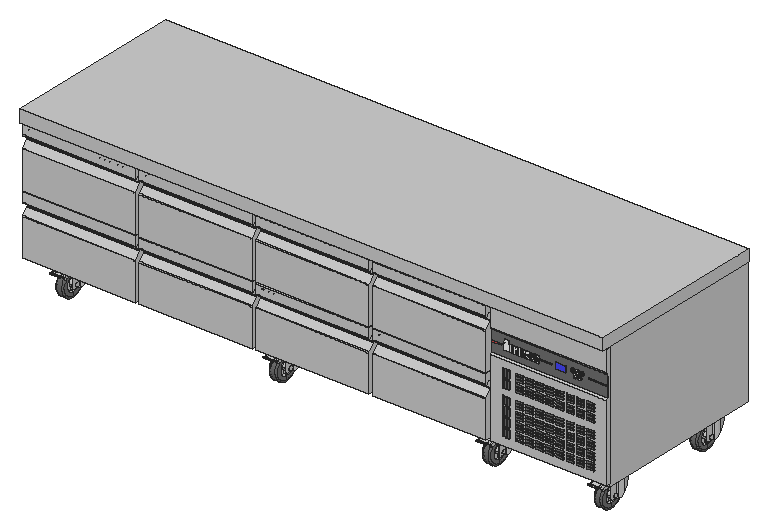
Revit family "QF_INOMAK_PWDP7777_250528083448", category Specialty Equipment, Revit 2021 (continued)
Definition of nested family "QF_INOMAK_REF_COUNTERS_DOORS_DRAWERS_6522"
  Definition of nested family "2_Drawers_1-2"
    Automatic sketch dimensions
      Extrusion 1 sketch curve to Extrusion 1 sketch curve = 0.515 mm
      Extrusion 1 sketch curve to Extrusion 1 sketch curve = 22.822 mm
      Extrusion 1 sketch curve to Extrusion 1 sketch curve = 19.985 mm
      Extrusion 1 sketch curve to Extrusion 1 sketch curve = 6.919 mm
      Extrusion 1 sketch curve to Extrusion 1 sketch curve = 30.039 mm
      Extrusion 4 sketch curve to plane 7 "Front legs" = 0 mm
      plane 7 "Front legs" to Extrusion 4 sketch curve = 0.515 mm
      plane 7 "Front legs" to Extrusion 4 sketch curve = 1.757 mm
      plane 7 "Front legs" to Extrusion 4 sketch curve = 1.9 mm
      Extrusion 4 sketch curve to Extrusion 4 sketch curve = 1.556 mm
      plane 7 "Front legs" to Extrusion 4 sketch curve = 9.971 mm
      plane 7 "Front legs" to Extrusion 4 sketch curve = 21.094 mm
      Extrusion 4 sketch curve to Extrusion 4 sketch curve = 11.91 mm
      Extrusion 4 sketch curve to Extrusion 4 sketch curve = 2.243 mm
      Extrusion 4 sketch curve to Extrusion 4 sketch curve = 2.385 mm
      Extrusion 4 sketch curve to Extrusion 4 sketch curve = 20.119 mm
      Extrusion 4 sketch curve to Extrusion 4 sketch curve = 22.822 mm
      Extrusion 4 sketch curve to Extrusion 4 sketch curve = 19.985 mm
      Extrusion 4 sketch curve to Extrusion 4 sketch curve = 6.919 mm
      Extrusion 4 sketch curve to Extrusion 4 sketch curve = 30.039 mm
  Definition of nested family "2_Drawers_1-3_2-3"
    Parameters (values of type "2 Drawers 1-3 and 2-3")
      URL = "www.specifiglobal.com"
      Top inset [instance] = 4 mm
      Right panel thickness [instance] = 35 mm
      Rear inset [instance] = 10 mm
      Plinth height [instance] = 150 mm
      Model = ""
      Manufacturer = "DEMO CONSULTANT"
      Length Actual [instance] = 1200 mm
      Left panel thickness [instance] = 35 mm
      Height Actual [instance] = 900 mm
      Front inset [instance] = 10 mm
      Finish = none
      Doors drawers type [instance] = 5
      Description = ""
      Depth Actual [instance] = 700 mm
      Default Elevation = 0 mm
      Bottom inset [instance] = 4 mm
      Assembly Code = "E1090320"
      2 Drawers 1-3 and 2-3 [instance] = Doors drawers type = 5  # yes
    Reference planes
      plane 1 "Back": y = 0
      plane 2: z = 0
      plane 3 "Left": x = 0
      plane 4 "Right": x = 1200
      plane 5 "Front": y = -700
      plane 6 "Top": z = 1050
      plane 7 "Front legs": y = -690
      plane 8 "Legs top": z = 150
      plane 9 "Backsplash thickness": y = -10
      plane 10 "Left panel": x = 35
      plane 11 "Right panel": x = 1165
      plane 12: z = 1046
      plane 13: z = 751.833
      plane 14: z = 746.833
      plane 15: z = 154
      plane 16: z = 450.667
      plane 17: z = 152
      plane 18: z = 1048
      plane 19: z = 749.333
    Forms (mm)
      Extrusion 1, solid, material <- "Finish", visible <- "2 Drawers 1-3 and 2-3"
        sketch origin (35, 0, 0) x (0, -1, 0) y (0, 0, 1)
          loop
            line (690, 751.833) -> (690, 960.365)
            arc (690, 960.365) -> (689.866, 961.037) -> (689.485, 961.607) r 1.757
            line (689.485, 961.607) -> (666.663, 984.429)
            arc (666.663, 984.429) -> (665.976, 985.458) -> (665.734, 986.672) r 3.172
            line (665.734, 986.672) -> (665.734, 1013.576)
            arc (665.734, 1013.576) -> (666.433, 1015.262) -> (668.119, 1015.961) r 2.385
            line (668.119, 1015.961) -> (680.029, 1015.961) -> (686.544, 1006.657)
            arc (686.544, 1006.657) -> (688.671, 1005.935) -> (690, 1007.747) r 1.9
            line (690, 1007.747) -> (690, 1046) -> (648, 1046) -> (648, 751.833) -> (690, 751.833)
        from 0 to -1130
      Extrusion 2, solid, visible <- "2 Drawers 1-3 and 2-3", detail levels coarse
        sketch origin (0, -640.463, 751.833) x (0, 1, 0) y (-1, 0, 0)
          loop
            line (-49.537, -35) -> (-624.537, -35) -> (-624.537, -1165) -> (-49.537, -1165) -> (-49.537, -35)
        from 0 to 294.167
      Extrusion 3, solid, visible <- "2 Drawers 1-3 and 2-3", detail levels coarse
        sketch origin (0, -700, 154) x (-1, 0, 0) y (0, 1, 0)
          loop
            line (-35, 10) -> (-1165, 10) -> (-1165, -565) -> (-35, -565) -> (-35, 10)
        from 0 to -592.833
      Extrusion 4, solid, material <- "Finish", visible <- "2 Drawers 1-3 and 2-3"
        sketch origin (35, 0, -441.333) x (0, -1, 0) y (0, 0, 1)
          loop
            line (690, 595.333) -> (690, 1101.698)
            arc (690, 1101.698) -> (689.866, 1102.37) -> (689.485, 1102.94) r 1.757
            line (689.485, 1102.94) -> (666.663, 1126.596)
            arc (666.663, 1126.596) -> (665.976, 1127.625) -> (665.734, 1128.839) r 3.172
            line (665.734, 1128.839) -> (665.734, 1155.743)
            arc (665.734, 1155.743) -> (666.433, 1157.429) -> (668.119, 1158.128) r 2.385
            line (668.119, 1158.128) -> (680.029, 1158.128) -> (686.544, 1148.824)
            arc (686.544, 1148.824) -> (688.671, 1148.102) -> (690, 1149.914) r 1.9
            line (690, 1149.914) -> (690, 1188.167) -> (648, 1188.167) -> (648, 595.333) -> (690, 595.333)
        from 0 to -1130
    Lines and regions (mm)
      symbolic lines, visible <- "2 Drawers 1-3 and 2-3"
        curve 1: line (35, -1000, 900) -> (35, -1040, 900)
        curve 2: line (35, -1040, 900) -> (1165, -1040, 900)
        curve 3: line (1165, -1040, 900) -> (1165, -1000, 900)
        curve 4: line (1165, -1000, 900) -> (35, -1000, 900)
        curve 5: line (1135, -1000, 900) -> (1135, -700, 900)
        curve 6: line (65, -1000, 900) -> (65, -700, 900)
        curve 7: line (35, -1225, 900) -> (35, -1265, 900)
        curve 8: line (35, -1265, 900) -> (1165, -1265, 900)
        curve 9: line (1165, -1265, 900) -> (1165, -1225, 900)
        curve 10: line (1165, -1225, 900) -> (35, -1225, 900)
        curve 11: line (1135, -1225, 900) -> (1135, -1040, 900)
        curve 12: line (65, -1225, 900) -> (65, -1040, 900)
    Dimensions and locks
      "Length Actual": plane 3 "Left" to plane 4 "Right"
      "Depth Actual": plane 5 "Front" to plane 1 "Back"
      "Height Actual": plane 6 "Top" to plane 8 "Legs top"
      "Front inset": plane 7 "Front legs" to plane 5 "Front"
      "Plinth height": plane 8 "Legs top" to plane 2
      "Rear inset": plane 9 "Backsplash thickness" to plane 1 "Back"
      "Right panel thickness": plane 11 "Right panel" to plane 4 "Right"
      "Left panel thickness": plane 3 "Left" to plane 10 "Left panel"
      "Top inset": plane 6 "Top" to plane 12
      locked: plane 13 to plane 14 at 5
      "Bottom inset": plane 15 to plane 8 "Legs top"
      equal spacing: plane 17, plane 16, plane 19, plane 18
      equal spacing: plane 12, plane 18, plane 6 "Top"
      equal spacing: plane 14, plane 19, plane 13
      equal spacing: plane 15, plane 17, plane 8 "Legs top"
      aligned and locked: level to plane 2
      aligned and locked: Extrusion 1 to plane 11 "Right panel"
      aligned and locked: plane 10 "Left panel" to curve 1
      aligned and locked: plane 10 "Left panel" to curve 7
      aligned and locked: Extrusion 2 sketch curve to plane 10 "Left panel"
      aligned and locked: plane 11 "Right panel" to Extrusion 2 sketch curve
      aligned and locked: Extrusion 3 sketch curve to plane 10 "Left panel"
      aligned and locked: plane 11 "Right panel" to Extrusion 3 sketch curve
      aligned and locked: Extrusion 2 to plane 12
      aligned and locked: Extrusion 4 to plane 11 "Right panel"
      aligned and locked: Extrusion 3 to plane 14
      aligned and locked: plane 13 to Extrusion 1 sketch curve
      aligned and locked: Extrusion 2 to Extrusion 1 sketch curve
      aligned and locked: Extrusion 3 to Extrusion 4 sketch curve
      aligned and locked: Extrusion 4 sketch curve to Extrusion 3  (x2)
      aligned and locked: Extrusion 1 sketch curve to plane 7 "Front legs"
    Automatic sketch dimensions
      Extrusion 2 sketch curve to plane 7 "Front legs" = 0 mm
      Extrusion 2 sketch curve to plane 5 "Front" = 565 mm
      Extrusion 3 sketch curve to plane 7 "Front legs" = 0 mm
      Extrusion 3 sketch curve to plane 5 "Front" = 565 mm
      curve 9 to plane 11 "Right panel" = 0 mm
      curve 2 to plane 11 "Right panel" = 0 mm
      curve 5 to plane 5 "Front" = 0 mm
      curve 6 to plane 5 "Front" = 0 mm
      curve 1 to plane 5 "Front" = 300 mm
      curve 3 to curve 3 = 40 mm
      curve 7 to curve 1 = 185 mm
      curve 8 to curve 9 = 40 mm
      plane 11 "Right panel" to curve 5 = 30 mm
      curve 11 to curve 5 = 0 mm
      curve 6 to plane 10 "Left panel" = 30 mm
      curve 12 to curve 6 = 0 mm
      Extrusion 1 sketch curve to plane 7 "Front legs" = 0 mm
      plane 7 "Front legs" to Extrusion 1 sketch curve = 0.515 mm
      plane 7 "Front legs" to Extrusion 1 sketch curve = 1.757 mm
      plane 7 "Front legs" to Extrusion 1 sketch curve = 1.9 mm
      Extrusion 1 sketch curve to Extrusion 1 sketch curve = 1.556 mm
      plane 7 "Front legs" to Extrusion 1 sketch curve = 9.971 mm
      plane 7 "Front legs" to Extrusion 1 sketch curve = 21.094 mm
      Extrusion 1 sketch curve to Extrusion 1 sketch curve = 11.91 mm
      Extrusion 1 sketch curve to Extrusion 1 sketch curve = 2.243 mm
      Extrusion 1 sketch curve to Extrusion 1 sketch curve = 2.385 mm
      Extrusion 1 sketch curve to Extrusion 1 sketch curve = 20.119 mm
      plane 12 to Extrusion 1 sketch curve = 85.635 mm
      Extrusion 1 sketch curve to Extrusion 1 sketch curve = 22.822 mm
      Extrusion 1 sketch curve to Extrusion 1 sketch curve = 19.985 mm
      Extrusion 1 sketch curve to Extrusion 1 sketch curve = 6.919 mm
      plane 12 to Extrusion 1 sketch curve = 0 mm
      Extrusion 4 sketch curve to plane 7 "Front legs" = 0 mm
      plane 7 "Front legs" to Extrusion 4 sketch curve = 0.515 mm
      plane 7 "Front legs" to Extrusion 4 sketch curve = 1.9 mm
      Extrusion 4 sketch curve to Extrusion 4 sketch curve = 1.556 mm
      plane 7 "Front legs" to Extrusion 4 sketch curve = 9.971 mm
      plane 7 "Front legs" to Extrusion 4 sketch curve = 21.094 mm
      Extrusion 4 sketch curve to Extrusion 4 sketch curve = 11.91 mm
      Extrusion 4 sketch curve to Extrusion 4 sketch curve = 2.243 mm
      Extrusion 4 sketch curve to Extrusion 4 sketch curve = 2.385 mm
      Extrusion 4 sketch curve to Extrusion 4 sketch curve = 20.119 mm
      Extrusion 4 sketch curve to Extrusion 4 sketch curve = 86.469 mm
      Extrusion 4 sketch curve to Extrusion 4 sketch curve = 23.656 mm
      Extrusion 4 sketch curve to Extrusion 4 sketch curve = 19.985 mm
      Extrusion 4 sketch curve to Extrusion 4 sketch curve = 6.919 mm
      plane 7 "Front legs" to Extrusion 4 sketch curve = 1.757 mm
  Definition of nested family "Sliding_Doors"
    Parameters (values of type "Sliding doors")
      URL = "www.specifiglobal.com"
      Top inset [instance] = 4 mm
      Sliding doors [instance] = Doors drawers type = 2  # yes
      Right panel thickness [instance] = 35 mm
      Rear inset [instance] = 10 mm
      Plinth height [instance] = 150 mm
      Model = ""
      Manufacturer = "DEMO CONSULTANT"
      Length Actual [instance] = 1200 mm
      Left panel thickness [instance] = 35 mm
      Height Actual [instance] = 900 mm
      Front inset [instance] = 10 mm
      Finish [instance] = none
      Doors drawers type [instance] = 2
      Description = ""
      Depth Actual [instance] = 700 mm
      Default Elevation = 0 mm
      Bottom inset [instance] = 4 mm
      Assembly Code = "E1090320"
    Reference planes
      plane 1 "Back": y = 0
      plane 2: z = 0
      plane 3 "Left": x = 0
      plane 4 "Right": x = 1200
      plane 5 "Front": y = -700
      plane 6 "Top": z = 1050
      plane 7 "Front legs": y = -690
      plane 8 "Legs top": z = 150
      plane 9 "Backsplash thickness": y = -10
      plane 10: x = 35
      plane 11: x = 1165
      plane 12 "Center Left-Right": x = 600
      plane 13: z = 154
      plane 14: z = 1046
    Forms (mm)
      Extrusion 1, solid, material <- "Finish", visible <- "Sliding doors"
        sketch origin (0, -690, 154) x (-1, 0, 0) y (0, 1, 0)
          loop
            line (-35, 10) -> (-35, 20) -> (-620, 20) -> (-620, 0) -> (-91.156, 0)
            arc (-91.156, 0) -> (-85.272, 0.885) -> (-79.91, 3.461) r 20
            line (-79.91, 3.461) -> (-60, 17) -> (-38, 17) -> (-38, 10)
            arc (-38, 10) -> (-40.05, 5.05) -> (-45, 3) r 7
            line (-45, 3) -> (-50.012, 3) -> (-50.012, 0) -> (-45, 0)
            arc (-45, 0) -> (-37.929, 2.929) -> (-35, 10) r 10
        from 0 to -892
      Extrusion 2, solid, material <- "Finish", visible <- "Sliding doors"
        sketch origin (0, -689, 154) x (-1, 0, 0) y (0, 1, 0)
          loop
            arc (-1065, 30) -> (-1062.071, 22.929) -> (-1055, 20) r 10
            line (-1055, 20) -> (-1049.988, 20) -> (-1049.988, 23) -> (-1055, 23)
            arc (-1055, 23) -> (-1059.95, 25.05) -> (-1062, 30) r 7
            line (-1062, 30) -> (-1062, 37) -> (-1040, 37) -> (-1020.09, 23.461)
            arc (-1020.09, 23.461) -> (-1014.728, 20.885) -> (-1008.844, 20) r 20
            line (-1008.844, 20) -> (-480, 20) -> (-480, 40) -> (-1065, 40) -> (-1065, 30)
        from 0 to -892
    Lines and regions (mm)
      symbolic lines, visible <- "Sliding doors"
        curve 1: line (1065, -649, 150) -> (480, -649, 150)
        curve 2: line (1065, -669, 150) -> (1065, -649, 150)
        curve 3: line (480, -669, 150) -> (1065, -669, 150)
        curve 4: line (480, -649, 150) -> (480, -669, 150)
        curve 5: line (620, -690, 150) -> (35, -690, 150)
        curve 6: line (620, -670, 150) -> (620, -690, 150)
        curve 7: line (35, -670, 150) -> (620, -670, 150)
        curve 8: line (35, -690, 150) -> (35, -670, 150)
    Dimensions and locks
      "Length Actual": plane 3 "Left" to plane 4 "Right"
      "Depth Actual": plane 5 "Front" to plane 1 "Back"
      "Height Actual": plane 6 "Top" to plane 8 "Legs top"
      "Front inset": plane 7 "Front legs" to plane 5 "Front"
      "Plinth height": plane 8 "Legs top" to plane 2
      "Rear inset": plane 9 "Backsplash thickness" to plane 1 "Back"
      "Right panel thickness": plane 11 to plane 4 "Right"
      "Left panel thickness": plane 3 "Left" to plane 10
      equal spacing: plane 10, plane 12 "Center Left-Right", plane 11
      "Top inset": plane 6 "Top" to plane 14
      "Bottom inset": plane 13 to plane 8 "Legs top"
      locked: plane 12 "Center Left-Right" to curve 4 at 120
      locked: plane 12 "Center Left-Right" to curve 5 at 20
      locked: plane 11 to curve 1 at 100
      aligned and locked: level to plane 2
      aligned and locked: Extrusion 1 sketch curve to plane 7 "Front legs"
      aligned and locked: Extrusion 1 sketch curve to plane 10
      aligned and locked: Extrusion 1 to plane 14
      aligned and locked: Extrusion 2 to plane 14
      aligned and locked: curve 8 to plane 10
    Automatic sketch dimensions
      Extrusion 2 sketch curve to Extrusion 2 sketch curve = 0 mm  (x2)
      plane 11 to Extrusion 2 sketch curve = 100 mm
      Extrusion 2 sketch curve to Extrusion 2 sketch curve = 3 mm
      Extrusion 2 sketch curve to Extrusion 2 sketch curve = 7 mm  (x2)
      Extrusion 2 sketch curve to Extrusion 2 sketch curve = 5.012 mm
      plane 7 "Front legs" to Extrusion 2 sketch curve = 38 mm
      Extrusion 2 sketch curve to Extrusion 2 sketch curve = 15 mm
      plane 7 "Front legs" to Extrusion 2 sketch curve = 24.461 mm
      Extrusion 2 sketch curve to Extrusion 2 sketch curve = 19.91 mm
      Extrusion 2 sketch curve to Extrusion 2 sketch curve = 11.246 mm
      Extrusion 2 sketch curve to plane 12 "Center Left-Right" = 120 mm
      Extrusion 2 sketch curve to Extrusion 2 sketch curve = 16.539 mm
      Extrusion 2 sketch curve to Extrusion 2 sketch curve = 20 mm
      Extrusion 1 sketch curve to Extrusion 1 sketch curve = 0 mm  (x2)
      Extrusion 1 sketch curve to plane 7 "Front legs" = 0 mm
      Extrusion 1 sketch curve to plane 10 = 3 mm
      Extrusion 1 sketch curve to Extrusion 1 sketch curve = 7 mm
      Extrusion 1 sketch curve to Extrusion 1 sketch curve = 5.012 mm
      Extrusion 1 sketch curve to Extrusion 1 sketch curve = 15 mm
      plane 7 "Front legs" to Extrusion 1 sketch curve = 3.461 mm
      Extrusion 1 sketch curve to Extrusion 1 sketch curve = 19.91 mm
      Extrusion 1 sketch curve to Extrusion 1 sketch curve = 11.246 mm
      plane 12 "Center Left-Right" to Extrusion 1 sketch curve = 20 mm
      Extrusion 1 sketch curve to Extrusion 1 sketch curve = 20 mm
      Extrusion 1 sketch curve to Extrusion 1 sketch curve = 3 mm
      curve 8 to plane 7 "Front legs" = 0 mm
      curve 5 to curve 6 = 20 mm
      plane 7 "Front legs" to curve 2 = 21 mm
      curve 2 to curve 2 = 20 mm
  Definition of nested family "4_Drawers_1-4"
    Parameters (values of type "4 Drawers 1-4")
      URL = "www.specifiglobal.com"
      Top inset [instance] = 4 mm
      Right panel thickness [instance] = 35 mm
      Rear inset [instance] = 10 mm
      Plinth height [instance] = 150 mm
      Model = ""
      Manufacturer = "DEMO CONSULTANT"
      Length Actual [instance] = 1200 mm
      Left panel thickness [instance] = 35 mm
      Height Actual [instance] = 900 mm
      Front inset [instance] = 10 mm
      Finish [instance] = none
      Doors drawers type [instance] = 7
      Description = ""
      Depth Actual [instance] = 700 mm
      Default Elevation = 0 mm
      Bottom inset [instance] = 4 mm
      Assembly Code = "E1090320"
      4 Drawers [instance] = Doors drawers type = 7  # yes
    Reference planes
      plane 1 "Back": y = 0
      plane 2: z = 0
      plane 3 "Left": x = 0
      plane 4 "Right": x = 1200
      plane 5 "Front": y = -700
      plane 6 "Top": z = 1050
      plane 7 "Front legs": y = -690
      plane 8 "Legs top": z = 150
      plane 9 "Backsplash thickness": y = -10
      plane 10 "Left panel": x = 35
      plane 11 "Right panel": x = 1165
      plane 12: z = 824.25
      plane 13: z = 1046
      plane 14: z = 826.083
      plane 15: z = 822.417
      plane 16: z = 1048.5
      plane 17: z = 375.75
      plane 18: z = 377.917
      plane 19: z = 373.583
      plane 20: z = 154
      plane 21: z = 151.5
      plane 22: z = 600
      plane 23: z = 601.833
      plane 24: z = 598.167
    Forms (mm)
      Extrusion 1, solid, material <- "Finish", visible <- "4 Drawers"
        sketch origin (35, 0, -1) x (0, -1, 0) y (0, 0, 1)
          loop
            line (680, 1047) -> (670, 1047) -> (670, 827.083) -> (690, 827.083) -> (690, 990.844)
            arc (690, 990.844) -> (689.115, 996.728) -> (686.539, 1002.09) r 20
            line (686.539, 1002.09) -> (673, 1022) -> (673, 1044) -> (680, 1044)
            arc (680, 1044) -> (684.95, 1041.95) -> (687, 1037) r 7
            line (687, 1037) -> (687, 1031.988) -> (690, 1031.988) -> (690, 1037)
            arc (690, 1037) -> (687.071, 1044.071) -> (680, 1047) r 10
        from 0 to -1130
      Extrusion 2, solid, visible <- "4 Drawers", detail levels coarse
        sketch origin (0, -640.463, 826.083) x (0, 1, 0) y (-1, 0, 0)
          loop
            line (-49.537, -35) -> (-624.537, -35) -> (-624.537, -1165) -> (-49.537, -1165) -> (-49.537, -35)
        from 0 to 219.917
      Extrusion 3, solid, visible <- "4 Drawers", detail levels coarse
        sketch origin (0, -700, 154) x (-1, 0, 0) y (0, 1, 0)
          loop
            line (-35, 10) -> (-1165, 10) -> (-1165, -565) -> (-35, -565) -> (-35, 10)
        from 0 to -219.583
      Extrusion 4, solid, material <- "Finish", visible <- "4 Drawers"
        sketch origin (35, 0, -440.333) x (0, -1, 0) y (0, 0, 1)
          loop
            line (680, 813.917) -> (670, 813.917) -> (670, 594.333) -> (690, 594.333) -> (690, 757.761)
            arc (690, 757.761) -> (689.115, 763.644) -> (686.539, 769.007) r 20
            line (686.539, 769.007) -> (673, 788.917) -> (673, 810.917) -> (680, 810.917)
            arc (680, 810.917) -> (684.95, 808.866) -> (687, 803.917) r 7
            line (687, 803.917) -> (687, 798.904) -> (690, 798.904) -> (690, 803.917)
            arc (690, 803.917) -> (687.071, 810.988) -> (680, 813.917) r 10
        from 0 to -1130
      Extrusion 5, solid, material <- "Finish", visible <- "4 Drawers"
        sketch origin (35, 0, -165.333) x (0, -1, 0) y (0, 0, 1)
          loop
            line (680, 987.75) -> (670, 987.75) -> (670, 767.167) -> (690, 767.167) -> (690, 931.594)
            arc (690, 931.594) -> (689.115, 937.478) -> (686.539, 942.84) r 20
            line (686.539, 942.84) -> (673, 962.75) -> (673, 984.75) -> (680, 984.75)
            arc (680, 984.75) -> (684.95, 982.7) -> (687, 977.75) r 7
            line (687, 977.75) -> (687, 972.738) -> (690, 972.738) -> (690, 977.75)
            arc (690, 977.75) -> (687.071, 984.821) -> (680, 987.75) r 10
        from 0 to -1130
      Extrusion 6, solid, material <- "Finish", visible <- "4 Drawers"
        sketch origin (35, 0, -330.333) x (0, -1, 0) y (0, 0, 1)
          loop
            line (680, 928.5) -> (670, 928.5) -> (670, 708.25) -> (690, 708.25) -> (690, 872.344)
            arc (690, 872.344) -> (689.115, 878.228) -> (686.539, 883.59) r 20
            line (686.539, 883.59) -> (673, 903.5) -> (673, 925.5) -> (680, 925.5)
            arc (680, 925.5) -> (684.95, 923.45) -> (687, 918.5) r 7
            line (687, 918.5) -> (687, 913.488) -> (690, 913.488) -> (690, 918.5)
            arc (690, 918.5) -> (687.071, 925.571) -> (680, 928.5) r 10
        from 0 to -1130
      Extrusion 7, solid, visible <- "4 Drawers", detail levels coarse
        sketch origin (0, -500.463, 601.833) x (0, 1, 0) y (-1, 0, 0)
          loop
            line (-189.537, -35) -> (-764.537, -35) -> (-764.537, -1165) -> (-189.537, -1165) -> (-189.537, -35)
        from 0 to 220.583
      Extrusion 8, solid, visible <- "4 Drawers", detail levels coarse
        sketch origin (0, -540.463, 377.917) x (0, 1, 0) y (-1, 0, 0)
          loop
            line (-149.537, -35) -> (-724.537, -35) -> (-724.537, -1165) -> (-149.537, -1165) -> (-149.537, -35)
        from 0 to 220.25
    Lines and regions (mm)
      symbolic lines, visible <- "4 Drawers"
        curve 1: line (35, -945, 900) -> (35, -985, 900)
        curve 2: line (35, -985, 900) -> (1165, -985, 900)
        curve 3: line (1165, -985, 900) -> (1165, -945, 900)
        curve 4: line (1165, -945, 900) -> (35, -945, 900)
        curve 5: line (1135, -945, 900) -> (1135, -845, 900)
        curve 6: line (65, -945, 900) -> (65, -845, 900)
        curve 7: line (35, -1085, 900) -> (35, -1125, 900)
        curve 8: line (35, -1125, 900) -> (1165, -1125, 900)
        curve 9: line (1165, -1125, 900) -> (1165, -1085, 900)
        curve 10: line (1165, -1085, 900) -> (35, -1085, 900)
        curve 11: line (1135, -1085, 900) -> (1135, -985, 900)
        curve 12: line (65, -1085, 900) -> (65, -985, 900)
        curve 13: line (35, -1225, 900) -> (35, -1265, 900)
        curve 14: line (35, -1265, 900) -> (1165, -1265, 900)
        curve 15: line (1165, -1265, 900) -> (1165, -1225, 900)
        curve 16: line (1165, -1225, 900) -> (35, -1225, 900)
        curve 17: line (1135, -1225, 900) -> (1135, -1125, 900)
        curve 18: line (65, -1225, 900) -> (65, -1125, 900)
        curve 19: line (35, -805, 900) -> (35, -845, 900)
        curve 20: line (35, -845, 900) -> (1165, -845, 900)
        curve 21: line (1165, -845, 900) -> (1165, -805, 900)
        curve 22: line (1165, -805, 900) -> (35, -805, 900)
        curve 23: line (65, -805, 900) -> (65, -700, 900)
        curve 24: line (1135, -805, 900) -> (1135, -700, 900)
    Dimensions and locks
      "Length Actual": plane 3 "Left" to plane 4 "Right"
      "Depth Actual": plane 5 "Front" to plane 1 "Back"
      "Height Actual": plane 6 "Top" to plane 8 "Legs top"
      "Front inset": plane 7 "Front legs" to plane 5 "Front"
      "Plinth height": plane 8 "Legs top" to plane 2
      "Rear inset": plane 9 "Backsplash thickness" to plane 1 "Back"
      "Right panel thickness": plane 11 "Right panel" to plane 4 "Right"
      "Left panel thickness": plane 3 "Left" to plane 10 "Left panel"
      locked: plane 14 to plane 15 at 3.667
      equal spacing: plane 14, plane 12, plane 15
      locked: plane 23 to plane 24 at 3.667
      equal spacing: plane 23, plane 22, plane 24
      "Bottom inset": plane 20 to plane 8 "Legs top"
      equal spacing: plane 19, plane 17, plane 18
      locked: plane 19 to plane 18 at 4.333
      equal spacing: plane 21, plane 17, plane 22, plane 12, plane 16
      locked: plane 13 to plane 16 at 2.5
      "Top inset": plane 13 to plane 6 "Top"
      locked: plane 21 to plane 20 at 2.5
      aligned and locked: level to plane 2
      aligned and locked: plane 7 "Front legs" to Extrusion 1 sketch curve  (x2)
      aligned and locked: Extrusion 1 to plane 11 "Right panel"
      aligned and locked: Extrusion 1 sketch curve to plane 13
      aligned and locked: Extrusion 1 sketch curve to plane 14
      aligned and locked: plane 10 "Left panel" to curve 1
      aligned and locked: plane 10 "Left panel" to curve 7
      aligned and locked: plane 10 "Left panel" to curve 13
      aligned and locked: Extrusion 2 sketch curve to plane 10 "Left panel"
      aligned and locked: plane 11 "Right panel" to Extrusion 2 sketch curve
      aligned and locked: Extrusion 3 sketch curve to plane 10 "Left panel"
      aligned and locked: plane 11 "Right panel" to Extrusion 3 sketch curve
      aligned and locked: Extrusion 2 to plane 13
      aligned and locked: Extrusion 3 to plane 19
      aligned and locked: plane 20 to Extrusion 4 sketch curve
      aligned and locked: Extrusion 4 to plane 11 "Right panel"
      aligned and locked: Extrusion 5 sketch curve to plane 15
      aligned and locked: plane 7 "Front legs" to Extrusion 5 sketch curve
      aligned and locked: Extrusion 5 sketch curve to plane 23
      aligned and locked: Extrusion 6 sketch curve to plane 24
      aligned and locked: plane 7 "Front legs" to Extrusion 6 sketch curve
      aligned and locked: Extrusion 6 sketch curve to plane 18
      aligned and locked: Extrusion 7 to plane 15
      aligned and locked: Extrusion 8 to plane 24
      aligned and locked: Extrusion 5 to plane 11 "Right panel"
      aligned and locked: Extrusion 6 to plane 11 "Right panel"
    Automatic sketch dimensions
      Extrusion 1 sketch curve to Extrusion 1 sketch curve = 0 mm  (x2)
      plane 7 "Front legs" to Extrusion 1 sketch curve = 3 mm
      plane 7 "Front legs" to Extrusion 1 sketch curve = 3.461 mm
      plane 7 "Front legs" to Extrusion 1 sketch curve = 10 mm
      Extrusion 1 sketch curve to Extrusion 1 sketch curve = 7 mm
      plane 7 "Front legs" to Extrusion 1 sketch curve = 20 mm  (x2)
      Extrusion 1 sketch curve to Extrusion 1 sketch curve = 46.156 mm
      Extrusion 1 sketch curve to Extrusion 1 sketch curve = 15 mm
      Extrusion 1 sketch curve to Extrusion 1 sketch curve = 5.012 mm
      Extrusion 2 sketch curve to plane 7 "Front legs" = 0 mm
      Extrusion 2 sketch curve to plane 5 "Front" = 565 mm
      Extrusion 3 sketch curve to plane 7 "Front legs" = 0 mm
      Extrusion 3 sketch curve to plane 5 "Front" = 565 mm
      Extrusion 5 sketch curve to Extrusion 5 sketch curve = 0 mm  (x2)
      Extrusion 5 sketch curve to plane 7 "Front legs" = 0 mm
      plane 7 "Front legs" to Extrusion 5 sketch curve = 3 mm
      plane 7 "Front legs" to Extrusion 5 sketch curve = 3.461 mm
      plane 7 "Front legs" to Extrusion 5 sketch curve = 10 mm
      Extrusion 5 sketch curve to Extrusion 5 sketch curve = 7 mm
      plane 7 "Front legs" to Extrusion 5 sketch curve = 20 mm  (x2)
      Extrusion 5 sketch curve to Extrusion 5 sketch curve = 46.156 mm
      Extrusion 5 sketch curve to Extrusion 5 sketch curve = 15 mm
      Extrusion 5 sketch curve to Extrusion 5 sketch curve = 5.012 mm
      Extrusion 6 sketch curve to Extrusion 6 sketch curve = 0 mm  (x2)
      Extrusion 6 sketch curve to plane 7 "Front legs" = 0 mm
      plane 7 "Front legs" to Extrusion 6 sketch curve = 3 mm
      plane 7 "Front legs" to Extrusion 6 sketch curve = 3.461 mm
      plane 7 "Front legs" to Extrusion 6 sketch curve = 10 mm
      Extrusion 6 sketch curve to Extrusion 6 sketch curve = 7 mm
      plane 7 "Front legs" to Extrusion 6 sketch curve = 20 mm  (x2)
      Extrusion 6 sketch curve to Extrusion 6 sketch curve = 46.156 mm
      Extrusion 6 sketch curve to Extrusion 6 sketch curve = 15 mm
      Extrusion 6 sketch curve to Extrusion 6 sketch curve = 5.012 mm
      curve 14 to plane 11 "Right panel" = 0 mm
      curve 8 to plane 11 "Right panel" = 0 mm
      curve 2 to plane 11 "Right panel" = 0 mm
      curve 21 to plane 11 "Right panel" = 0 mm
      curve 20 to plane 10 "Left panel" = 0 mm
      curve 23 to plane 5 "Front" = 0 mm
      curve 24 to plane 5 "Front" = 0 mm
      curve 21 to plane 5 "Front" = 105 mm
      curve 20 to curve 21 = 40 mm
      curve 3 to curve 20 = 100 mm
      curve 3 to curve 3 = 40 mm
      curve 10 to curve 1 = 100 mm
      curve 9 to curve 9 = 40 mm
      curve 15 to curve 8 = 100 mm
      curve 15 to curve 15 = 40 mm
      plane 11 "Right panel" to curve 24 = 30 mm
      curve 8 to curve 17 = 30 mm
      curve 11 to curve 17 = 0 mm
      curve 23 to plane 10 "Left panel" = 30 mm
      curve 12 to curve 6 = 0 mm
      curve 18 to curve 12 = 0 mm
      Extrusion 4 sketch curve to Extrusion 4 sketch curve = 0 mm  (x2)
      plane 19 to Extrusion 4 sketch curve = 0 mm
      Extrusion 4 sketch curve to plane 7 "Front legs" = 0 mm  (x2)
      plane 7 "Front legs" to Extrusion 4 sketch curve = 3 mm
      plane 7 "Front legs" to Extrusion 4 sketch curve = 3.461 mm
      plane 7 "Front legs" to Extrusion 4 sketch curve = 10 mm
      Extrusion 4 sketch curve to Extrusion 4 sketch curve = 7 mm
      plane 7 "Front legs" to Extrusion 4 sketch curve = 20 mm  (x2)
      Extrusion 4 sketch curve to Extrusion 4 sketch curve = 46.156 mm
      Extrusion 4 sketch curve to Extrusion 4 sketch curve = 15 mm
      Extrusion 4 sketch curve to Extrusion 4 sketch curve = 5.012 mm
      Extrusion 7 sketch curve to plane 10 "Left panel" = 0 mm
      Extrusion 7 sketch curve to plane 11 "Right panel" = 0 mm
      Extrusion 7 sketch curve to plane 7 "Front legs" = 0 mm
      Extrusion 7 sketch curve to plane 5 "Front" = 565 mm
      Extrusion 8 sketch curve to plane 10 "Left panel" = 0 mm
      Extrusion 8 sketch curve to plane 11 "Right panel" = 0 mm
      Extrusion 8 sketch curve to plane 7 "Front legs" = 0 mm
      Extrusion 8 sketch curve to plane 5 "Front" = 565 mm
      curve 6 to plane 10 "Left panel" = 30 mm
      curve 5 to curve 24 = 0 mm
  Definition of nested family "Hinged_Doors"
    Parameters (values of type "Hinged doors")
      URL = "www.specifiglobal.com"
      Top inset [instance] = 4 mm
      Right panel thickness [instance] = 35 mm
      Rear inset [instance] = 10 mm
      Plinth height [instance] = 150 mm
      Model = ""
      Manufacturer = "DEMO CONSULTANT"
      Length Actual [instance] = 1200 mm
      Left panel thickness [instance] = 35 mm
      Hinged doors [instance] = Doors drawers type = 3  # yes
      Height Actual [instance] = 900 mm
      Front inset [instance] = 10 mm
      Finish [instance] = none
      Doors drawers type [instance] = 3
      Description = ""
      Depth Actual [instance] = 700 mm
      Default Elevation = 0 mm
      Bottom inset [instance] = 4 mm
      Assembly Code = "E1090320"
    Reference planes
      plane 1 "Back": y = 0
      plane 2: z = 0
      plane 3 "Left": x = 0
      plane 4 "Right": x = 1200
      plane 5 "Front": y = -700
      plane 6 "Top": z = 1050
      plane 7 "Front legs": y = -690
      plane 8 "Legs top": z = 150
      plane 9 "Backsplash thickness": y = -10
      plane 10: x = 35
      plane 11: x = 1165
      plane 12 "Center Left-Right": x = 600
      plane 13: x = 597.5
      plane 14: x = 602.5
      plane 15: z = 154
      plane 16: z = 1046
    Forms (mm)
      Extrusion 1, solid, material <- "Finish", visible <- "Hinged doors"
        sketch origin (35, -2307.849, 4000) x (0, -1, 0) y (0, 0, 1)
          loop
            line (-1627.849, -2954) -> (-1637.849, -2954) -> (-1637.849, -3846) -> (-1617.849, -3846) -> (-1617.849, -3010.156)
            arc (-1617.849, -3010.156) -> (-1618.734, -3004.272) -> (-1621.31, -2998.91) r 20
            line (-1621.31, -2998.91) -> (-1634.849, -2979) -> (-1634.849, -2957) -> (-1627.849, -2957)
            arc (-1627.849, -2957) -> (-1622.899, -2959.05) -> (-1620.849, -2964) r 7
            line (-1620.849, -2964) -> (-1620.849, -2969.012) -> (-1617.849, -2969.012) -> (-1617.849, -2964)
            arc (-1617.849, -2964) -> (-1620.778, -2956.929) -> (-1627.849, -2954) r 10
        from 0 to -562.5
      Extrusion 2, solid, visible <- "Hinged doors", detail levels coarse
        sketch origin (0, -700, 154) x (-1, 0, 0) y (0, 1, 0)
          loop
            line (-35, 10) -> (-597.5, 10)
            arc (-597.5, 10) -> (-432.748, -387.748) -> (-35, -552.5) r 562.5
            line (-35, -552.5) -> (-35, 10)
        from 0 to -892
      Extrusion 3, solid, material <- "Finish", visible <- "Hinged doors"
        sketch origin (1165, -2312.576, 4000) x (0, -1, 0) y (0, 0, 1)
          loop
            line (-1632.576, -2954) -> (-1642.576, -2954) -> (-1642.576, -3846) -> (-1622.576, -3846) -> (-1622.576, -3010.156)
            arc (-1622.576, -3010.156) -> (-1623.46, -3004.272) -> (-1626.037, -2998.91) r 20
            line (-1626.037, -2998.91) -> (-1639.576, -2979) -> (-1639.576, -2957) -> (-1632.576, -2957)
            arc (-1632.576, -2957) -> (-1627.626, -2959.05) -> (-1625.576, -2964) r 7
            line (-1625.576, -2964) -> (-1625.576, -2969.012) -> (-1622.576, -2969.012) -> (-1622.576, -2964)
            arc (-1622.576, -2964) -> (-1625.504, -2956.929) -> (-1632.576, -2954) r 10
        from 0 to 562.5
      Extrusion 4, solid, visible <- "Hinged doors", detail levels coarse
        sketch origin (0, -700, 154) x (-1, 0, 0) y (0, 1, 0)
          loop
            line (-1165, 10) -> (-1165, -552.5)
            arc (-1165, -552.5) -> (-767.252, -387.748) -> (-602.5, 10) r 562.5
            line (-602.5, 10) -> (-1165, 10)
        from 0 to -892
    Lines and regions (mm)
      symbolic lines, visible <- "Hinged doors"
        curve 1: line (35, -700, 150) -> (35, -1252.5, 150)
        curve 2: arc (35, -1252.5, 150) -> (429.196, -1091.268, 150) -> (597.411, -700, 150) r 562.5
        curve 3: arc (602.589, -700, 150) -> (770.804, -1091.268, 150) -> (1165, -1252.5, 150) r 562.5
        curve 4: line (1165, -1252.5, 150) -> (1165, -700, 150)
    Dimensions and locks
      "Length Actual": plane 3 "Left" to plane 4 "Right"
      "Depth Actual": plane 5 "Front" to plane 1 "Back"
      "Height Actual": plane 6 "Top" to plane 8 "Legs top"
      "Front inset": plane 7 "Front legs" to plane 5 "Front"
      "Plinth height": plane 8 "Legs top" to plane 2
      "Rear inset": plane 9 "Backsplash thickness" to plane 1 "Back"
      "Right panel thickness": plane 11 to plane 4 "Right"
      "Left panel thickness": plane 3 "Left" to plane 10
      equal spacing: plane 10, plane 12 "Center Left-Right", plane 11
      plane 13 to plane 12 "Center Left-Right" = 2.5 mm
      plane 12 "Center Left-Right" to plane 14 = 2.5 mm
      "Bottom inset": plane 15 to plane 8 "Legs top"
      "Top inset": plane 16 to plane 6 "Top"
      aligned and locked: level to plane 2
      aligned and locked: Extrusion 1 to plane 13
      aligned and locked: plane 10 to Extrusion 2 sketch curve
      aligned and locked: plane 13 to Extrusion 2 sketch curve
      aligned and locked: plane 7 "Front legs" to Extrusion 2 sketch curve  (x2)
      aligned and locked: plane 14 to Extrusion 3
      aligned and locked: Extrusion 2 to curve 1
      aligned and locked: curve 2 to Extrusion 2
      aligned and locked: curve 3 to Extrusion 4
      aligned and locked: curve 4 to Extrusion 4
      aligned and locked: plane 5 "Front" to curve 1
      aligned and locked: plane 5 "Front" to curve 2
      aligned and locked: plane 5 "Front" to curve 3
      aligned and locked: plane 5 "Front" to curve 4
      aligned and locked: Extrusion 4 to plane 16
      aligned and locked: Extrusion 2 to plane 16
      aligned and locked: Extrusion 1 sketch curve to plane 16
      aligned and locked: Extrusion 1 sketch curve to plane 15
      aligned and locked: Extrusion 3 sketch curve to plane 15
      aligned and locked: Extrusion 3 sketch curve to plane 16
    Automatic sketch dimensions
      Extrusion 1 sketch curve to Extrusion 1 sketch curve = 0 mm  (x2)
      Extrusion 1 sketch curve to plane 7 "Front legs" = 0 mm  (x2)
      plane 7 "Front legs" to Extrusion 1 sketch curve = 3 mm
      plane 7 "Front legs" to Extrusion 1 sketch curve = 3.461 mm
      plane 7 "Front legs" to Extrusion 1 sketch curve = 10 mm
      Extrusion 1 sketch curve to Extrusion 1 sketch curve = 7 mm
      plane 7 "Front legs" to Extrusion 1 sketch curve = 20 mm  (x2)
      Extrusion 1 sketch curve to Extrusion 1 sketch curve = 46.156 mm
      Extrusion 1 sketch curve to Extrusion 1 sketch curve = 15 mm
      Extrusion 1 sketch curve to Extrusion 1 sketch curve = 5.012 mm
      Extrusion 3 sketch curve to Extrusion 3 sketch curve = 0 mm  (x2)
      Extrusion 3 sketch curve to plane 7 "Front legs" = 0 mm  (x2)
      Extrusion 3 sketch curve to Extrusion 3 sketch curve = 3 mm
      plane 7 "Front legs" to Extrusion 3 sketch curve = 3.461 mm
      plane 7 "Front legs" to Extrusion 3 sketch curve = 10 mm
      Extrusion 3 sketch curve to Extrusion 3 sketch curve = 7 mm
      Extrusion 3 sketch curve to Extrusion 3 sketch curve = 16.539 mm
      Extrusion 3 sketch curve to Extrusion 3 sketch curve = 20 mm
      Extrusion 3 sketch curve to Extrusion 3 sketch curve = 46.156 mm
      Extrusion 3 sketch curve to Extrusion 3 sketch curve = 15 mm
      Extrusion 3 sketch curve to Extrusion 3 sketch curve = 5.012 mm
      Extrusion 4 sketch curve to plane 11 = 0 mm
      Extrusion 4 sketch curve to plane 7 "Front legs" = 0 mm
      Extrusion 4 sketch curve to plane 14 = 0 mm
  Definition of nested family "Hopper"
    Parameters (values of type "Hopper")
      URL = "www.specifiglobal.com"
      Top inset [instance] = 4 mm
      Right panel thickness [instance] = 35 mm
      Rear inset [instance] = 10 mm
      Plinth height [instance] = 150 mm
      Model = ""
      Manufacturer = "DEMO CONSULTANT"
      Length Actual [instance] = 700 mm
      Left panel thickness [instance] = 35 mm
      Hopper [instance] = Doors drawers type = 10  # yes
      Height Actual [instance] = 900 mm
      Front inset [instance] = 10 mm
      Finish [instance] = none
      Doors drawers type [instance] = 10
      Description = ""
      Depth Actual [instance] = 700 mm
      Default Elevation = 0 mm
      Bottom inset [instance] = 4 mm
      Assembly Code = "E1090320"
      2 Drawers = yes
    Reference planes
      plane 1 "Back": y = 0
      plane 2: z = 0
      plane 3 "Left": x = 0
      plane 4 "Right": x = 700
      plane 5 "Front": y = -700
      plane 6 "Top": z = 1050
      plane 7 "Front legs": y = -690
      plane 8 "Legs top": z = 150
      plane 9 "Backsplash thickness": y = -10
      plane 10 "Left panel": x = 35
      plane 11 "Right panel": x = 665
      plane 12: z = 1046
      plane 13: z = 154
    Forms (mm)
      Extrusion 1, solid, material <- "Finish", visible <- "Hopper"
        sketch origin (35, 0, 0) x (0, -1, 0) y (0, 0, 1)
          loop
            line (690, 154) -> (690, 960.365)
            arc (690, 960.365) -> (689.866, 961.037) -> (689.485, 961.607) r 1.757
            line (689.485, 961.607) -> (666.663, 984.429)
            arc (666.663, 984.429) -> (665.976, 985.458) -> (665.734, 986.672) r 3.172
            line (665.734, 986.672) -> (665.734, 1013.576)
            arc (665.734, 1013.576) -> (666.433, 1015.262) -> (668.119, 1015.961) r 2.385
            line (668.119, 1015.961) -> (680.029, 1015.961) -> (686.544, 1006.657)
            arc (686.544, 1006.657) -> (688.671, 1005.935) -> (690, 1007.747) r 1.9
            line (690, 1007.747) -> (690, 1046) -> (648, 1046) -> (648, 154) -> (690, 154)
        from 0 to -630
      Extrusion 2, solid, visible <- "Hopper", detail levels coarse
        sketch origin (35, 0, 0) x (0, -1, 0) y (0, 0, 1)
          loop
            line (690, 154) -> (1265, 154) -> (1265, 1046) -> (690, 1046) -> (690, 154)
        from 0 to -630
    Lines and regions (mm)
      symbolic lines, visible <- "Hopper"
        curve 1: line (35, -1225, 900) -> (35, -1265, 900)
        curve 2: line (35, -1265, 900) -> (665, -1265, 900)
        curve 3: line (665, -1265, 900) -> (665, -1225, 900)
        curve 4: line (665, -1225, 900) -> (35, -1225, 900)
        curve 5: line (635, -1225, 900) -> (635, -700, 900)
        curve 6: line (65, -1225, 900) -> (65, -700, 900)
    Dimensions and locks
      "Length Actual": plane 3 "Left" to plane 4 "Right"
      "Depth Actual": plane 5 "Front" to plane 1 "Back"
      "Height Actual": plane 6 "Top" to plane 8 "Legs top"
      "Front inset": plane 7 "Front legs" to plane 5 "Front"
      "Plinth height": plane 8 "Legs top" to plane 2
      "Rear inset": plane 9 "Backsplash thickness" to plane 1 "Back"
      "Right panel thickness": plane 11 "Right panel" to plane 4 "Right"
      "Left panel thickness": plane 3 "Left" to plane 10 "Left panel"
      "Top inset": plane 12 to plane 6 "Top"
      "Bottom inset": plane 13 to plane 8 "Legs top"
      aligned and locked: level to plane 2
      aligned and locked: Extrusion 1 to plane 11 "Right panel"
      aligned and locked: Extrusion 2 to plane 11 "Right panel"
      aligned and locked: plane 10 "Left panel" to Extrusion 2
      aligned and locked: Extrusion 1 sketch curve to plane 12
      aligned and locked: Extrusion 1 sketch curve to Extrusion 2
      aligned and locked: Extrusion 1 sketch curve to plane 13
    Automatic sketch dimensions
      Extrusion 1 sketch curve to Extrusion 1 sketch curve = 17.734 mm
      Extrusion 1 sketch curve to Extrusion 1 sketch curve = 0.929 mm
      Extrusion 1 sketch curve to Extrusion 1 sketch curve = 2.385 mm
      Extrusion 1 sketch curve to Extrusion 1 sketch curve = 3.172 mm
      Extrusion 1 sketch curve to Extrusion 1 sketch curve = 11.91 mm
      Extrusion 1 sketch curve to Extrusion 1 sketch curve = 6.515 mm
      Extrusion 1 sketch curve to Extrusion 1 sketch curve = 1.556 mm
      Extrusion 1 sketch curve to Extrusion 1 sketch curve = 21.58 mm
      Extrusion 1 sketch curve to Extrusion 1 sketch curve = 1.242 mm
      Extrusion 1 sketch curve to Extrusion 1 sketch curve = 1.9 mm
      Extrusion 1 sketch curve to Extrusion 1 sketch curve = 0.515 mm
      Extrusion 1 sketch curve to Extrusion 1 sketch curve = 22.822 mm
      Extrusion 1 sketch curve to Extrusion 1 sketch curve = 19.985 mm
      Extrusion 1 sketch curve to Extrusion 1 sketch curve = 6.919 mm
      Extrusion 1 sketch curve to Extrusion 1 sketch curve = 30.039 mm
      Extrusion 2 sketch curve to plane 7 "Front legs" = 0 mm
      plane 13 to Extrusion 2 sketch curve = 0 mm
      plane 12 to Extrusion 2 sketch curve = 0 mm
      Extrusion 2 sketch curve to plane 5 "Front" = 565 mm
      curve 1 to plane 10 "Left panel" = 0 mm
      curve 2 to plane 11 "Right panel" = 0 mm
      curve 6 to plane 5 "Front" = 0 mm
      curve 5 to plane 5 "Front" = 0 mm
      curve 4 to plane 5 "Front" = 525 mm
      curve 3 to curve 3 = 40 mm
      plane 11 "Right panel" to curve 5 = 30 mm
      curve 6 to plane 10 "Left panel" = 30 mm
Definition of nested family "QF_INOMAK_REF_COUNTERS_DOORS_DRAWERS_16014"
  Parameters (values of type "DR-LX-710")
    Weight [instance] = 0.00 kg
    Warranty Start Date [instance] = ""
    Warranty Duration [instance] = ""
    URL Cutsheet [instance] = ""
    URL = "www.inomak.com"
    Top inset [instance] = 10 mm
    Technical Documentation [instance] = ""
    Tag Number [instance] = ""
    Status [instance] = ""
    Specification by User [instance] = ""
    Specification by Manufacturer [instance] = ""
    Sound Level [instance] = ""
    Solid Fuel Type [instance] = ""
    Show Logo [instance] = yes
    Show Clearances [instance] = yes
    Service Life Duration [instance] = ""
    Serial Number [instance] = ""
    Seismic Rating [instance] = ""
    SMACNA No [instance] = ""
    Right panel thickness [instance] = 0 mm
    Revision Code [instance] = ""
    Revision [instance] = ""
    Rear inset [instance] = 0 mm
    Production Year [instance] = ""
    Point Load [instance] = 0
    Plinth height [instance] = 0 mm
    Other Equipment Approvals [instance] = ""
    NAFEM Spec ID Number [instance] = ""
    Model Warning [instance] = ""
    Model = "DR-LX-710"
    Masterspec [instance] = ""
    Manufacturer = "INOMAK"
    Length Actual [instance] = 435 mm
    Left panel thickness [instance] = 0 mm
    Item Number [instance] = ""
    Installed By [instance] = ""
    Installation Date [instance] = ""
    Identify Quantity as Lot [instance] = yes
    ID [instance] = ""
    Hygiene Approval [instance] = ""
    Height Actual [instance] = 710 mm
    Furnished By [instance] = ""
    Front inset [instance] = 10 mm
    Foodservice Equipment Identifier [instance] = yes
    Finish [instance] = none
    ETL Approved [instance] = yes
    Doors drawers type [instance] = 8
    Description = "LEFT HINGED DOOR"
    Depth Actual [instance] = 700 mm
    Default Elevation = 0 mm
    CSI MasterFormat [instance] = ""
    CE Approved [instance] = yes
    Bottom inset [instance] = 10 mm
    Barcode [instance] = ""
    Author [instance] = ""
    Asset Identifier [instance] = ""
    Assembly Code = "E1090320"
    Accessory [instance] = yes
  Types (9, lengths in mm): name | Model | Height Actual | Doors drawers type | Description
    DW-2-710 | "DW-2-710" | 710 | 4 | "2 X GN 1/2 DRAWERS"
    DR-LX-710 | "DR-LX-710" | 710 | 8 | "LEFT HINGED DOOR"
    DR-RX-710 | "DR-RX-710" | 710 | 9 | "RIGHT HINGED DOOR"
    DW-3-710 | "DW-3-710" | 710 | 6 | "3 X GN 1/3 DRAWERS"
    DW-B-710 | "DW-B-710" | 710 | 5 | "1 X GN 1/3 & 1 X GN 2/3 DRAWERS"
    DW-2-483 | "DW-2-483" | 483 | 4 | "2 X GN 1/3 DRAWERS"
    DR-LX-483 | "DR-LX-483" | 483 | 8 | "LEFT HINGED DOOR"
    DR-RX-483 | "DR-RX-483" | 483 | 9 | "RIGHT HINGED DOOR"
    DW-1-483 | "DW-1-483" | 483 | 10 | "1 X GN 2/3 DRAWER"
  Reference planes
    plane 1 "Front": y = 0
    plane 2: z = 0
    plane 3 "Left": x = 0
    plane 4 "Right": x = 435
    plane 5 "Back": y = 700
    plane 6 "Top": z = 710
    plane 7 "Bottom shelf": z = 0
    plane 8: z = 700
    plane 9: z = 10
    plane 10: x = 0
    plane 11: x = 435
    plane 12 "Center Top Bottom": z = 355
  Lines and regions (mm)
    reference lines
      curve 1: line (0, 0, 355) -> (0, 25, 355)
      curve 2: line (435, 0, 355) -> (435, 25, 355)
      curve 3: line (0, 700, 355) -> (435, 700, 355)
      curve 4: line (0, 0, 355) -> (435, 0, 355)
  Dimensions and locks
    "Length Actual": plane 3 "Left" to plane 4 "Right"
    "Depth Actual": plane 1 "Front" to plane 5 "Back"
    "Height Actual": plane 6 "Top" to plane 7 "Bottom shelf"
    "Plinth height": plane 7 "Bottom shelf" to plane 2
    "Top inset": plane 6 "Top" to plane 8
    "Bottom inset": plane 9 to plane 7 "Bottom shelf"
    "Left panel thickness": plane 3 "Left" to plane 10
    "Right panel thickness": plane 11 to plane 4 "Right"
    equal spacing: plane 6 "Top", plane 12 "Center Top Bottom", plane 7 "Bottom shelf"
    "Length Actual": curve 1 to plane 4 "Right"
    "Length Actual": plane 3 "Left" to curve 2
    "Depth Actual": plane 1 "Front" to curve 3
    "Depth Actual": plane 5 "Back" to curve 4
    aligned and locked: level to plane 2
    aligned and locked: plane 3 "Left" to nested 1
    aligned and locked: plane 3 "Left" to nested 2
    aligned and locked: plane 3 "Left" to nested 3
    aligned and locked: plane 3 "Left" to nested 4
    aligned and locked: plane 3 "Left" to nested 5
    aligned and locked: plane 3 "Left" to nested 6
    aligned and locked: plane 3 "Left" to nested 7
    aligned and locked: plane 3 "Left" to nested 8
    aligned and locked: plane 3 "Left" to nested 9
    aligned and locked: nested 4 to plane 1 "Front"
    aligned and locked: nested 6 to plane 1 "Front"
    aligned and locked: nested 8 to plane 1 "Front"
    aligned and locked: nested 5 to plane 1 "Front"
    aligned and locked: nested 3 to plane 1 "Front"
    aligned and locked: nested 7 to plane 1 "Front"
    aligned and locked: nested 2 to plane 1 "Front"
    aligned and locked: nested 1 to plane 1 "Front"
    aligned and locked: nested 9 to plane 1 "Front"
  Automatic sketch dimensions
    curve 3 to plane 4 "Right" = 0 mm
    curve 3 to plane 3 "Left" = 0 mm
    curve 2 to curve 2 = 25 mm
    curve 1 to curve 1 = 25 mm
  Nested families
    nested 1: "Right_Door" at (0, 700, 0), Depth Actual <- "Depth Actual", Height Actual <- "Height Actual", Length Actual <- "Length Actual", Front inset <- "Front inset", Rear inset <- "Rear inset", Left panel thickness <- "Left panel thickness", Right panel thickness <- "Right panel thickness", Doors drawers type <- "Doors drawers type", Plinth height <- "Plinth height", Top inset <- "Top inset", Bottom inset <- "Bottom inset", type "Right door"
      with Top inset 10 mm, Right panel thickness 0 mm, Right hand hinged door no, Rear inset 0 mm, Plinth height 0 mm, Length Actual 435 mm, Left panel thickness 0 mm, Height Actual 710 mm, Front inset 10 mm, Doors drawers type 8, Depth Actual 700 mm, Bottom inset 10 mm
    nested 2: "Left_Door" at (0, 700, 0), Depth Actual <- "Depth Actual", Height Actual <- "Height Actual", Length Actual <- "Length Actual", Front inset <- "Front inset", Rear inset <- "Rear inset", Left panel thickness <- "Left panel thickness", Right panel thickness <- "Right panel thickness", Doors drawers type <- "Doors drawers type", Plinth height <- "Plinth height", Top inset <- "Top inset", Bottom inset <- "Bottom inset", type "Left door"
      with Top inset 10 mm, Right panel thickness 0 mm, Rear inset 0 mm, Plinth height 0 mm, Length Actual 435 mm, Left panel thickness 0 mm, Left hand hinged door yes, Height Actual 710 mm, Front inset 10 mm, Doors drawers type 8, Depth Actual 700 mm, Bottom inset 10 mm
    nested 3: "3_Drawers_1-3" at (0, 700, 0), Depth Actual <- "Depth Actual", Height Actual <- "Height Actual", Length Actual <- "Length Actual", Front inset <- "Front inset", Rear inset <- "Rear inset", Left panel thickness <- "Left panel thickness", Right panel thickness <- "Right panel thickness", Doors drawers type <- "Doors drawers type", Plinth height <- "Plinth height", Top inset <- "Top inset", Bottom inset <- "Bottom inset", type "3 Drawers 1-3"
      with Top inset 10 mm, Right panel thickness 0 mm, Rear inset 0 mm, Plinth height 0 mm, Length Actual 435 mm, Left panel thickness 0 mm, Height Actual 710 mm, Front inset 10 mm, Doors drawers type 8, Depth Actual 700 mm, Bottom inset 10 mm, 3 Drawers no
    nested 4: "2_Drawers_1-2" at (0, 700, 0), Depth Actual <- "Depth Actual", Height Actual <- "Height Actual", Length Actual <- "Length Actual", Front inset <- "Front inset", Rear inset <- "Rear inset", Left panel thickness <- "Left panel thickness", Right panel thickness <- "Right panel thickness", Doors drawers type <- "Doors drawers type", Plinth height <- "Plinth height", Top inset <- "Top inset", Bottom inset <- "Bottom inset", type "2 Drawers 1-2"
      with Top inset 10 mm, Right panel thickness 0 mm, Rear inset 0 mm, Plinth height 0 mm, Length Actual 435 mm, Left panel thickness 0 mm, Height Actual 710 mm, Front inset 10 mm, Doors drawers type 8, Depth Actual 700 mm, Bottom inset 10 mm, 2 Drawers no
    nested 5: "2_Drawers_1-3_2-3" at (0, 700, 0), Depth Actual <- "Depth Actual", Height Actual <- "Height Actual", Length Actual <- "Length Actual", Front inset <- "Front inset", Rear inset <- "Rear inset", Left panel thickness <- "Left panel thickness", Right panel thickness <- "Right panel thickness", Doors drawers type <- "Doors drawers type", Plinth height <- "Plinth height", Top inset <- "Top inset", Bottom inset <- "Bottom inset", type "2 Drawers 1-3 and 2-3"
      with Top inset 10 mm, Right panel thickness 0 mm, Rear inset 0 mm, Plinth height 0 mm, Length Actual 435 mm, Left panel thickness 0 mm, Height Actual 710 mm, Front inset 10 mm, Doors drawers type 8, Depth Actual 700 mm, Bottom inset 10 mm, 2 Drawers 1-3 and 2-3 no
    nested 6: "Sliding_Doors" at (0, 700, 0), Depth Actual <- "Depth Actual", Height Actual <- "Height Actual", Length Actual <- "Length Actual", Front inset <- "Front inset", Rear inset <- "Rear inset", Left panel thickness <- "Left panel thickness", Right panel thickness <- "Right panel thickness", Doors drawers type <- "Doors drawers type", Plinth height <- "Plinth height", Top inset <- "Top inset", Bottom inset <- "Bottom inset", Finish <- "Finish", type "Sliding doors"
      with Top inset 10 mm, Sliding doors no, Right panel thickness 0 mm, Rear inset 0 mm, Plinth height 0 mm, Length Actual 435 mm, Left panel thickness 0 mm, Height Actual 710 mm, Front inset 10 mm, Finish none, Doors drawers type 8, Depth Actual 700 mm, Bottom inset 10 mm
    nested 7: "4_Drawers_1-4" at (0, 700, 0), Depth Actual <- "Depth Actual", Height Actual <- "Height Actual", Length Actual <- "Length Actual", Front inset <- "Front inset", Rear inset <- "Rear inset", Left panel thickness <- "Left panel thickness", Right panel thickness <- "Right panel thickness", Doors drawers type <- "Doors drawers type", Plinth height <- "Plinth height", Top inset <- "Top inset", Bottom inset <- "Bottom inset", Finish <- "Finish", type "4 Drawers 1-4"
      with Top inset 10 mm, Right panel thickness 0 mm, Rear inset 0 mm, Plinth height 0 mm, Length Actual 435 mm, Left panel thickness 0 mm, Height Actual 710 mm, Front inset 10 mm, Finish none, Doors drawers type 8, Depth Actual 700 mm, Bottom inset 10 mm, 4 Drawers no
    nested 8: "Hinged_Doors" at (0, 700, 0), Length Actual <- "Length Actual", Depth Actual <- "Depth Actual", Height Actual <- "Height Actual", Front inset <- "Front inset", Rear inset <- "Rear inset", Left panel thickness <- "Left panel thickness", Right panel thickness <- "Right panel thickness", Doors drawers type <- "Doors drawers type", Plinth height <- "Plinth height", Top inset <- "Top inset", Bottom inset <- "Bottom inset", Finish <- "Finish", type "Hinged doors"
      with Top inset 10 mm, Right panel thickness 0 mm, Rear inset 0 mm, Plinth height 0 mm, Length Actual 435 mm, Left panel thickness 0 mm, Hinged doors no, Height Actual 710 mm, Front inset 10 mm, Finish none, Doors drawers type 8, Depth Actual 700 mm, Bottom inset 10 mm
    nested 9: "Hopper" at (0, 700, 1.284), Length Actual <- "Length Actual", Depth Actual <- "Depth Actual", Height Actual <- "Height Actual", Front inset <- "Front inset", Rear inset <- "Rear inset", Left panel thickness <- "Left panel thickness", Right panel thickness <- "Right panel thickness", Doors drawers type <- "Doors drawers type", Plinth height <- "Plinth height", Top inset <- "Top inset", Bottom inset <- "Bottom inset", Finish <- "Finish", type "Hopper"
      with Top inset 10 mm, Right panel thickness 0 mm, Rear inset 0 mm, Plinth height 0 mm, Length Actual 435 mm, Left panel thickness 0 mm, Hopper no, Height Actual 710 mm, Front inset 10 mm, Finish none, Doors drawers type 8, Depth Actual 700 mm, Bottom inset 10 mm
  Definition of nested family "Left_Door"
    Parameters (values of type "Left door")
      URL = "www.specifiglobal.com"
      Top inset [instance] = 10 mm
      Right panel thickness [instance] = 0 mm
      Rear inset [instance] = 0 mm
      Plinth height [instance] = 150 mm
      Model = ""
      Manufacturer = "DEMO CONSULTANT"
      Length Actual [instance] = 700 mm
      Left panel thickness [instance] = 0 mm
      Left hand hinged door [instance] = Doors drawers type = 8  # yes
      Height Actual [instance] = 710 mm
      Front inset [instance] = 10 mm
      Finish = none
      Doors drawers type [instance] = 8
      Description = ""
      Depth Actual [instance] = 700 mm
      Default Elevation = 0 mm
      Bottom inset [instance] = 0 mm
      Assembly Code = "E1090320"
    Reference planes
      plane 1 "Back": y = 0
      plane 2: z = 0
      plane 3 "Left": x = 0
      plane 4 "Right": x = 700
      plane 5 "Front": y = -700
      plane 6 "Top": z = 860
      plane 7 "Front legs": y = -690
      plane 8 "Legs top": z = 150
      plane 9 "Backsplash thickness": y = 0
      plane 10 "Left panel": x = 0
      plane 11 "Right panel": x = 700
      plane 12: z = 850
      plane 13: z = 150
    Forms (mm)
      Extrusion 1, solid, material <- "Finish", visible <- "Left hand hinged door"
        sketch origin (0, 0, 0) x (0, -1, 0) y (0, 0, 1)
          loop
            line (690, 150) -> (690, 764.365)
            arc (690, 764.365) -> (689.866, 765.037) -> (689.485, 765.607) r 1.757
            line (689.485, 765.607) -> (666.663, 788.429)
            arc (666.663, 788.429) -> (665.976, 789.458) -> (665.734, 790.672) r 3.172
            line (665.734, 790.672) -> (665.734, 817.576)
            arc (665.734, 817.576) -> (666.433, 819.262) -> (668.119, 819.961) r 2.385
            line (668.119, 819.961) -> (680.029, 819.961) -> (686.544, 810.657)
            arc (686.544, 810.657) -> (688.671, 809.935) -> (690, 811.747) r 1.9
            line (690, 811.747) -> (690, 850) -> (648, 850) -> (648, 150) -> (690, 150)
        from 0 to -700
      Extrusion 2, solid, visible <- "Left hand hinged door", detail levels coarse
        sketch origin (0, -700, 150) x (-1, 0, 0) y (0, 1, 0)
          loop
            arc (-700, 10) -> (-495.871, -481.066) -> (0, -673.23) r 677.11
            line (0, -673.23) -> (0, 10) -> (-700, 10)
        from 0 to -700
    Lines and regions (mm)
      symbolic lines, visible <- "Left hand hinged door"
        curve 1: line (0, -700, 150) -> (0, -1373.247, 150)
        curve 2: arc (0, -1373.247, 150) -> (492.316, -1184.595, 150) -> (700, -700, 150) r 676.963
    Dimensions and locks
      "Length Actual": plane 3 "Left" to plane 4 "Right"
      "Depth Actual": plane 5 "Front" to plane 1 "Back"
      "Height Actual": plane 6 "Top" to plane 8 "Legs top"
      "Front inset": plane 7 "Front legs" to plane 5 "Front"
      "Plinth height": plane 8 "Legs top" to plane 2
      "Rear inset": plane 9 "Backsplash thickness" to plane 1 "Back"
      "Right panel thickness": plane 11 "Right panel" to plane 4 "Right"
      "Left panel thickness": plane 3 "Left" to plane 10 "Left panel"
      "Top inset": plane 6 "Top" to plane 12
      "Bottom inset": plane 13 to plane 8 "Legs top"
      aligned and locked: level to plane 2
      aligned and locked: Extrusion 1 to plane 11 "Right panel"
      aligned and locked: plane 10 "Left panel" to Extrusion 2 sketch curve
      aligned and locked: plane 11 "Right panel" to Extrusion 2 sketch curve
      aligned and locked: Extrusion 2 sketch curve to plane 10 "Left panel"
      aligned and locked: plane 7 "Front legs" to Extrusion 2 sketch curve
      aligned and locked: plane 7 "Front legs" to Extrusion 2
      aligned and locked: plane 10 "Left panel" to Extrusion 2
      aligned and locked: Extrusion 2 to plane 12
      aligned and locked: Extrusion 1 sketch curve to plane 13
      aligned and locked: Extrusion 1 sketch curve to plane 7 "Front legs"
      aligned and locked: Extrusion 1 sketch curve to plane 12
    Automatic sketch dimensions
      Extrusion 1 sketch curve to Extrusion 1 sketch curve = 1.556 mm
      Extrusion 1 sketch curve to Extrusion 1 sketch curve = 11.91 mm
      Extrusion 1 sketch curve to Extrusion 1 sketch curve = 2.243 mm
      Extrusion 1 sketch curve to Extrusion 1 sketch curve = 2.385 mm
      Extrusion 1 sketch curve to Extrusion 1 sketch curve = 20.119 mm
      Extrusion 1 sketch curve to Extrusion 1 sketch curve = 22.822 mm
      Extrusion 1 sketch curve to Extrusion 1 sketch curve = 19.985 mm
      Extrusion 1 sketch curve to Extrusion 1 sketch curve = 6.919 mm
      Extrusion 1 sketch curve to Extrusion 1 sketch curve = 30.039 mm
      plane 7 "Front legs" to Extrusion 1 sketch curve = 42 mm
      Extrusion 1 sketch curve to Extrusion 1 sketch curve = 0.929 mm
      Extrusion 1 sketch curve to Extrusion 1 sketch curve = 6.515 mm
      Extrusion 1 sketch curve to Extrusion 1 sketch curve = 1.242 mm
      Extrusion 1 sketch curve to Extrusion 1 sketch curve = 1.9 mm
      Extrusion 1 sketch curve to Extrusion 1 sketch curve = 0.515 mm
      plane 5 "Front" to Extrusion 2 sketch curve = 3.492 mm
      plane 3 "Left" to Extrusion 2 sketch curve = 22.921 mm
      curve 1 to plane 3 "Left" = 0 mm
      curve 2 to plane 4 "Right" = 0 mm
      curve 2 to plane 5 "Front" = 0 mm
      curve 1 to plane 5 "Front" = 0 mm
      plane 5 "Front" to curve 2 = 3.324 mm
      plane 3 "Left" to curve 2 = 23.045 mm
  Definition of nested family "Right_Door"
    Parameters (values of type "Right door")
      URL = "www.specifiglobal.com"
      Top inset [instance] = 4 mm
      Right panel thickness [instance] = 35 mm
      Right hand hinged door [instance] = Doors drawers type = 9  # yes
      Rear inset [instance] = 10 mm
      Plinth height [instance] = 150 mm
      Model = ""
      Manufacturer = "DEMO CONSULTANT"
      Length Actual [instance] = 1700 mm
      Left panel thickness [instance] = 35 mm
      Height Actual [instance] = 900 mm
      Front inset [instance] = 10 mm
      Finish = none
      Doors drawers type [instance] = 9
